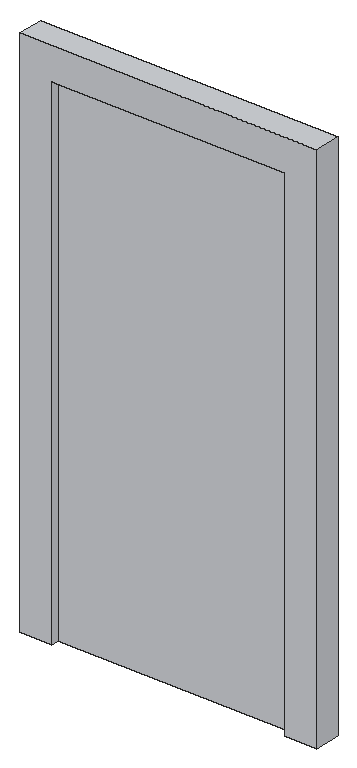
Revit family "Door", category Doors, host Wall, Revit 2025
Family settings
  Host = Wall
  OmniClass Number = 23.30.10.00
  OmniClass Title = Doors
  Always vertical = Yes
  Cut with Voids When Loaded = No
  Shared = No
  Room Calculation Point = No
Parameters (values of type "9")
  Thickness = 0' - 1 3/4"
  Swing Length = Door Width - 0' 2"  # 2' - 10"
  S_Door A = 75.00°
  Door Thickness = 0' - 1 3/4"
  S_Door Margin = 0' - 3 3/4"
  S_Door Inner Thickness = 0' - 3"
  S_Door G = 0' - 1.22013"
  Function = Interior
  Freezer = yes
  Frame Width Upper = 0' - 5"
  Frame Thickness = 0' - 4"
  Frame Width = 0' - 5"
  Height = Door Height + Frame Width Upper  # 6' - 11"
  Wall Closure = By host
  Width = Door Width + (2 * Frame Width)  # 3' - 10"
  Frame Head Depth = 0' - 5"
  Frame Depth Vert 1 = 0' - 1"
  Frame Depth Vert 2 = 0' - 0.01"
  Frame Depth Hori 2 = 0' - 5.01"
  Frame Depth Hori 1 = 0' - 3 3/4"
  S_Door Swing Length = Door Width  # 3' - 0"
  Door Width = 3' - 0"
  Door Height = 6' - 6"
  Define Thermal Properties by = Schematic Type
  Analytic Construction = "<None>"
Types (3): name | Swing Length | S_Door A | S_Door Margin | Freezer | Frame Width Upper | Frame Thickness | Frame Width | Height | Width | Frame Head Depth | Frame Depth Vert 2 | Frame Depth Hori 2 | Frame Depth Hori 1 | S_Door Swing Length | Door Width | Door Height
  3A | 3' - 10" | 81.0937° | 0' - 2" | no | 0' - 4" | 0' - 6" | 0' - 2" | 7' - 4" | 4' - 4" | 0' - 3" | 0' - 1" | 0' - 2" | 0' - 2" | 4' - 0" | 4' - 0" | 7' - 0"
  9 | 2' - 10" | 75.00° | 0' - 3 3/4" | yes | 0' - 5" | 0' - 4" | 0' - 5" | 6' - 11" | 3' - 10" | 0' - 5" | 0' - 0.01" | 0' - 5.01" | 0' - 3 3/4" | 3' - 0" | 3' - 0" | 6' - 6"
  15 | 2' - 10" | 81.0937° | 0' - 2" | no | 0' - 4" | 0' - 6" | 0' - 2" | 7' - 4" | 3' - 4" | 0' - 3" | 0' - 1" | 0' - 2" | 0' - 2" | 3' - 0" | 3' - 0" | 7' - 0"
Reference planes (in)
  plane 1 "Center (Front/Back)": y = 0
  plane 2 "Center (Left/Right)": x = 0
  plane 3 "Left": x = -23
  plane 4 "Right": x = 23
  plane 5 "Top": z = 83
  plane 6 "Exterior": y = 7
  plane 7 "Interior": y = -7
  plane 8: y = 0
  plane 9: y = -2
  plane 10: y = 2
  plane 11: y = 3.22013
  plane 12: y = 47
  plane 13: x = 18
Forms (in)
  Extrusion 1, solid, detail levels fine
    sketch origin (0, 0, 0) x (1, 0, 0) y (0, 1, 0)
      loop
        line (-18, 0.875) -> (-18, -0.875) -> (18, -0.875) -> (18, 0.875) -> (-18, 0.875)
    from 0 to 78
  Extrusion 2, solid, detail levels fine
    sketch origin (0, 0, 0) x (1, 0, 0) y (0, 0, 1)
      loop
        line (-23, 0) -> (-18, 0) -> (-18, 78) -> (18, 78) -> (18, 0) -> (23, 0) -> (23, 83) -> (-23, 83) -> (-23, 0)
    from -2 to 2
Lines and regions (in)
  Opening 1
    outline origin (-90, -7, 0) x (1, 0, 0) y (0, 0, 1)
      loop
        line (67, 0) -> (113, 0) -> (113, 83) -> (67, 83) -> (67, 0)
  symbolic lines
    curve 1: line (-19.25, 2, 0) -> (-19.25, 38, 0)
    curve 2: line (-19.25, 38, 0) -> (-14.75, 38, 0)
    curve 3: line (-17.5, 38, 0) -> (-17.5, 2, 0)
    curve 15: line (-23, 2, 0) -> (-19.25, 2, 0)
    curve 16: line (-19.25, 2, 0) -> (-19.25, 1, 0)
    curve 17: line (-19.25, 1, 0) -> (-18, 1, 0)
    curve 18: line (-18, 1, 0) -> (-18, -1.99, 0)
    curve 19: line (-18, -1.99, 0) -> (-17.99, -1.99, 0)
    curve 20: line (-17.99, -1.99, 0) -> (-17.99, -2, 0)
    curve 21: line (-17.99, -2, 0) -> (-23, -2, 0)
    curve 22: line (-19.25, 2, 0) -> (-17.5, 2, 0)
    curve 23: line (23, 2, 0) -> (18, 2, 0)
    curve 24: line (19.25, 4, 0) -> (19.25, 1, 0)
    curve 25: line (19.25, 1, 0) -> (18, 1, 0)
    curve 26: line (18, 1, 0) -> (18, -1.99, 0)
    curve 27: line (18, -1.99, 0) -> (17.99, -1.99, 0)
    curve 28: line (17.99, -1.99, 0) -> (17.99, -2, 0)
    curve 29: line (17.99, -2, 0) -> (23, -2, 0)
    curve 30: line (-17.5, 2, 0) -> (18, 2, 0)
    curve 31: line (17.99, -2, 0) -> (-17.99, -2, 0)
    curve 32: arc (-14.75, 38, 0) -> (9.29163, 28.04163, 0) -> (19.25, 4, 0) r 34
  symbolic lines, not visible
    curve 4: line (23, 1, 0) -> (23, -1, 0)
    curve 5: line (23, -1, 0) -> (24, -1, 0)
    curve 6: line (24, -1, 0) -> (24, -3, 0)
    curve 7: line (24, -3, 0) -> (26, -3, 0)
    curve 8: line (26, -3, 0) -> (26, 3, 0)
    curve 9: line (26, 3, 0) -> (24, 3, 0)
    curve 10: line (24, 3, 0) -> (24, 1, 0)
    curve 11: line (24, 1, 0) -> (23, 1, 0)
  symbolic lines, visible <- "Freezer"
    curve 12: line (-14.5, 35.97602, 0) -> (-14.5, 4.02398, 0)
    curve 13: line (-14.5, 35.97602, 0) -> (-17.5, 36.77987, 0)
    curve 14: line (-14.5, 4.02398, 0) -> (-17.5, 3.22013, 0)
Text (in)
  text "Exterior" at (-71.22539, 20.51343, 0), in view "Ref. Level"
  text "Interior" at (-71.22539, -15.26908, 0), in view "Ref. Level"
  text "Exterior" at (0, 40.15149, 123.01588), in view "Right"
  text "Interior" at (0, -64.39139, 123.01588), in view "Right"
  text "Interior" at (0, -31.01599, 123.00693), in view "Left"
  text "Exterior" at (0, 54.57065, 123.00693), in view "Left"
Dimensions and locks (in)
  equal spacing: Extrusion 1 sketch curve, host wall, Extrusion 1 sketch curve
  "Thickness": Extrusion 1 sketch curve to Extrusion 1 sketch curve
  equal spacing: plane 3 "Left", plane 2 "Center (Left/Right)", plane 4 "Right"
  "Width": plane 3 "Left" to plane 4 "Right"
  "Frame Width": Extrusion 2 sketch curve to Extrusion 2 sketch curve  (x2)
  "Frame Width Upper": plane 5 "Top" to Extrusion 2 sketch curve
  equal spacing: plane 10, plane 8, plane 9
  "Frame Thickness": plane 9 to plane 10
  "Height": plane 5 "Top" to level
  "S_Door Inner Thickness": curve 3 to curve 12
  "Door Thickness": curve 1 to curve 3
  "S_Door Margin": plane 3 "Left" to curve 1
  "Frame Depth Hori 1": plane 3 "Left" to curve 16
  "Frame Depth Hori 2": plane 3 "Left" to curve 20
  "Frame Depth Vert 1": curve 17 to plane 10
  "Frame Depth Vert 2": curve 19 to plane 9
  "Frame Head Depth": plane 3 "Left" to curve 18
  "Frame Depth Hori 1": curve 24 to plane 4 "Right"
  "Frame Depth Hori 2": curve 28 to plane 4 "Right"
  "Frame Depth Vert 2": curve 27 to plane 9
  "Frame Depth Vert 1": plane 10 to curve 25
  "Frame Head Depth": curve 26 to plane 4 "Right"
  "S_Door Swing Length": plane 10 to curve 2
  "S_Door G": plane 11 to plane 10
  "S_Door G": curve 13 to curve 2
  Extrusion 2 to level = 6' - 6"
  plane 3 "Left" to plane 4 "Right" = 3' - 10"
  Extrusion 2 to Extrusion 2 = 3' - 0"
  "Swing Length": radius of curve 32
  "S_Door A": angle curve 3 to curve 13
  "S_Door A": angle curve 14 to curve 3
  aligned and locked: plane 3 "Left" to Opening 1 sketch curve
  aligned and locked: plane 5 "Top" to Opening 1 sketch curve  (x2)
  aligned and locked: Opening 1 sketch curve to plane 4 "Right"
  aligned and locked: Opening 1 sketch curve to level
  aligned and locked: plane 6 "Exterior" to host wall
  aligned and locked: plane 7 "Interior" to host wall
  aligned and locked: plane 3 "Left" to Extrusion 2 sketch curve
  aligned and locked: Extrusion 2 sketch curve to plane 4 "Right"
  aligned and locked: Extrusion 2 sketch curve to plane 5 "Top"
  aligned and locked: Extrusion 2 to plane 10
  aligned and locked: Extrusion 2 to plane 9
  aligned and locked: Extrusion 2 to Extrusion 1 sketch curve  (x2)
  aligned and locked: Extrusion 1 to Extrusion 2
  aligned and locked: plane 3 "Left" to curve 15
  aligned and locked: plane 3 "Left" to curve 21
  aligned and locked: plane 9 to curve 21
  aligned and locked: plane 10 to curve 15
  aligned and locked: plane 10 to curve 22
  aligned and locked: plane 4 "Right" to curve 23
  aligned and locked: plane 4 "Right" to curve 29
  aligned and locked: curve 23 to plane 10
  aligned and locked: plane 10 to curve 30
  aligned and locked: plane 9 to curve 31
  aligned and locked: curve 28 to curve 31
  aligned and locked: curve 20 to curve 31
  aligned and locked: plane 11 to curve 14
Automatic sketch dimensions
  Extrusion 2 sketch curve to level = 0' - 0"  (x2)
  curve 23 to plane 13 = 0' - 0"
